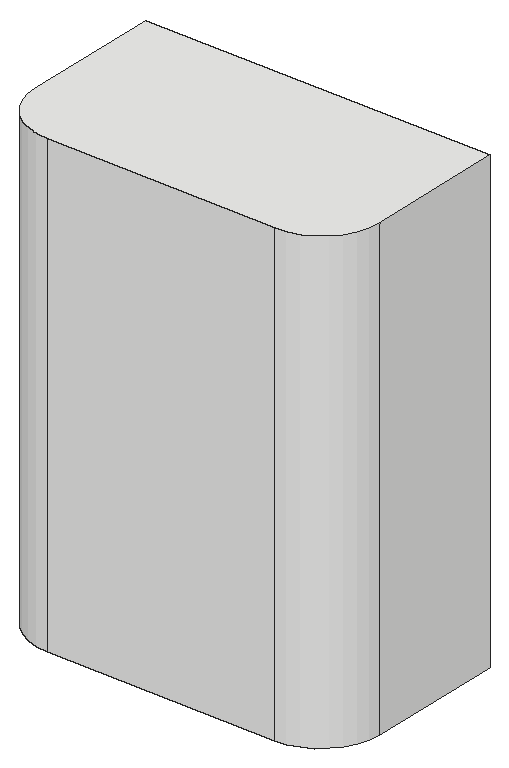
Revit family "Ballu ASP 100", category Воздухораспределители, Revit 2019
Family settings
  Размер круглого соединителя = Использовать диаметр
  Тип детали = Нормальный
  На основе рабочей плоскости = Нет
  Всегда вертикально = Да
  При загрузке вырезать с полостями = Нет
  Общий = Нет
  Точка расчета площади = Нет
Parameters (values of type "Ballu ONEAIR - 100")
  Изготовитель = "ООО ''Р-Климат''"  # constant formula
  h1 = 84 mm  # constant formula
  URL = "https://oneair.ballu.ru/"
  ADSK_Ток = ADSK_Номинальная мощность / (ADSK_Коэффициент мощности * ADSK_Напряжение * sqrt(ADSK_Количество фаз числовое))  # 0.114833 A
  ADSK_Расход воздуха приточный [instance] = 125.0 m³/h
  ADSK_Размер_Ширина = 264 mm  # constant formula
  ADSK_Размер_Диаметр = 98 mm  # constant formula
  ADSK_Размер_Глубина = 160 mm  # constant formula
  ADSK_Размер_Высота = 352 mm  # constant formula
  ADSK_Потеря давления воздуха [instance] = 0.0 Pa
  ADSK_Полная мощность = ADSK_Номинальная мощность / ADSK_Коэффициент мощности  # 25.2632 VA
  ADSK_Позиция = ""
  ADSK_Обозначение = ""
  ADSK_Номинальная мощность = 24 W  # constant formula
  ADSK_Напряжение = 220 V  # constant formula
  ADSK_Наименование краткое = "Ballu ASP-100"  # constant formula
  ADSK_Наименование = "Очиститель воздуха приточный Ballu ONEAIR ASP-100"  # constant formula
  ADSK_Материал = Пластмасса, непрозрачная, белая
  ADSK_Масса_Текст = "3.5"  # constant formula
  ADSK_Масса = 3.5  # constant formula
  ADSK_Марка = "Ballu"  # constant formula
  ADSK_Коэффициент мощности = 0.95  # constant formula
  ADSK_Количество фаз числовое = 1  # constant formula
  ADSK_Количество фаз = 1  # constant formula
  ADSK_Количество = 1  # constant formula
  ADSK_Код изделия = "ASP-100"  # constant formula
  ADSK_Классификация нагрузок = ОВК
  ADSK_Завод-изготовитель = "Фошан БИГ Климатик Мануфактуре Ко. ЛТД, Жонгшан Бранч"  # constant formula
  ADSK_Единица измерения = "шт."  # constant formula
  ADSK_Группирование = ""
  ADSK_Версия семейства = "1"  # constant formula
  ADSK_Версия Revit = "2019"  # constant formula
Reference planes
  plane 1 "По центру (Вперед/Назад)": y = 0
  plane 2: z = 0
  plane 3 "По центру (Влево/Вправо)": x = 0
  plane 4 "Left": x = -132
  plane 5 "Right": x = 132
  plane 6: y = -160
  plane 7: z = 352
  plane 8: z = 84
  plane 9 "mdl": y = -85
  plane 10 "По центру Л/Р": y = -10
Forms (mm)
  Extrusion 1, solid, material "Пластмасса, непрозрачная, белая" <- "ADSK_Материал"
    sketch origin (0, 0, 0) x (1, 0, 0) y (0, 0, 1)
      loop
        circle (0, 84) r 49
    from 0 to 10
  Extrusion 2, solid, material "Пластмасса, непрозрачная, белая" <- "ADSK_Материал"
    sketch origin (0, 0, 0) x (1, 0, 0) y (0, 1, 0)
      loop
        line (-132, -10) -> (-132, -115)
        arc (-132, -115) -> (-118.82, -146.82) -> (-87, -160) r 45
        line (-87, -160) -> (87, -160)
        arc (87, -160) -> (118.82, -146.82) -> (132, -115) r 45
        line (132, -115) -> (132, -10) -> (-132, -10)
    from 0 to 352
Lines and regions (mm)
  reference lines
    curve 1: line (0, -85, 352) -> (0, -85, 0)
Dimensions and locks
  equal spacing: plane 4 "Left", plane 3 "По центру (Влево/Вправо)", plane 5 "Right"
  "ADSK_Размер_Ширина": plane 4 "Left" to plane 5 "Right"
  "ADSK_Размер_Глубина": plane 6 to plane 1 "По центру (Вперед/Назад)"
  "ADSK_Размер_Высота": plane 7 to level
  "h1": plane 8 to level
  plane 6 to plane 1 "По центру (Вперед/Назад)" = 160 mm
  equal spacing: plane 10 "По центру Л/Р", plane 9 "mdl", plane 6
  locked: Extrusion 2 sketch curve to plane 1 "По центру (Вперед/Назад)" at 10
  locked: plane 10 "По центру Л/Р" to plane 1 "По центру (Вперед/Назад)" at 10
  "ADSK_Размер_Диаметр": diameter of Extrusion 1 sketch curve
  aligned and locked: level to plane 2
  aligned and locked: plane 3 "По центру (Влево/Вправо)" to Extrusion 1 sketch curve
  aligned and locked: plane 8 to Extrusion 1 sketch curve
  aligned and locked: plane 7 to curve 1
  aligned and locked: level to curve 1
  aligned and locked: plane 4 "Left" to Extrusion 2 sketch curve
  aligned and locked: plane 6 to Extrusion 2 sketch curve
  aligned and locked: Extrusion 2 sketch curve to plane 5 "Right"
  aligned and locked: plane 7 to Extrusion 2
  aligned and locked: Extrusion 2 to level
Automatic sketch dimensions
  curve 1 to plane 3 "По центру (Влево/Вправо)" = 0 mm
  Extrusion 2 sketch curve to plane 9 "mdl" = 30 mm  (x2)
Connectors
  hvac at (0, 0, 84), driven by "ADSK_Размер_Диаметр", driven by "ADSK_Потеря давления воздуха", driven by "ADSK_Расход воздуха приточный"
    settings: on Extrusion 1, index 1, duct flow 125.0 m³/h, flow factor 0, pres drop 0.0 Pa, loss coef 0, conn angle 0.00°, conn width 304.8 mm, conn height 304.8 mm, conn diameter 98 mm, duct sys type 1, conn prof type 0, flow config 0, flow direction 1, loss method 4, conn ref index 2, conn util no, is conn primary yes, conn desc ""
  hvac at (0, -85, 0), driven by "ADSK_Потеря давления воздуха", driven by "ADSK_Расход воздуха приточный"
    settings: on curve 1, index 2, duct flow 125.0 m³/h, flow factor 0, pres drop 0.0 Pa, loss coef 0, conn angle 0.00°, conn width 120 mm, conn height 250 mm, conn diameter 609.6 mm, duct sys type 1, conn prof type 1, flow config 0, flow direction 2, loss method 4, conn ref index 1, conn util no, is conn primary no, conn desc ""
  electrical at (0, -10, 176), driven by "ADSK_Количество фаз", driven by "ADSK_Классификация нагрузок", driven by "ADSK_Напряжение", driven by "ADSK_Полная мощность", driven by "ADSK_Коэффициент мощности"
    settings: on Extrusion 2, index 3, voltage 220 V, apparent load 25.2632 VA, apparent load phase1 0 VA, apparent load phase2 0 VA, apparent load phase3 0 VA, power factor 0.95, load classification "ОВК", number of poles 1, system type 30, power factor state 1, is connector primary yes, connector utility no, sub classification motor no, connector description ""
